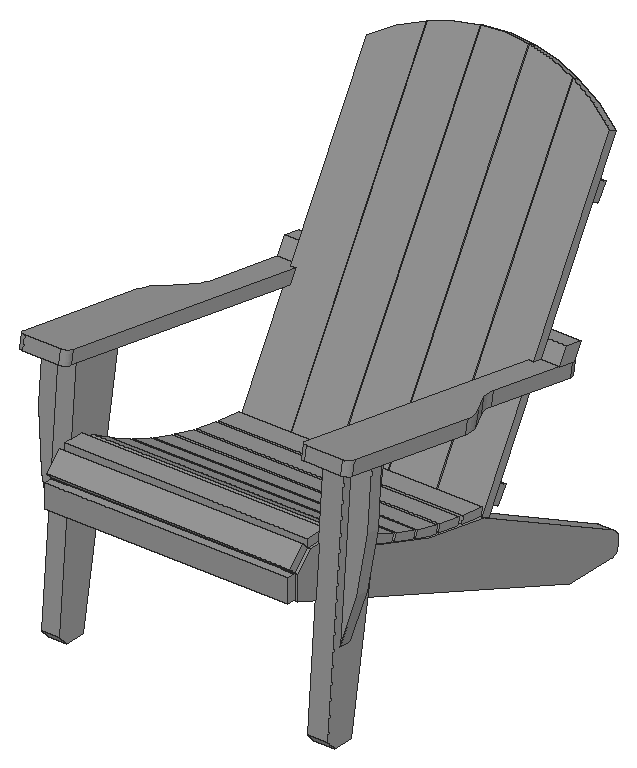
Revit family "кресло-адирондак «Астрид» Арт 12212", category Антураж, Revit 2018
Family settings
  На основе рабочей плоскости = Нет
  Всегда вертикально = Да
  При загрузке вырезать с полостями = Нет
  Источник визуального образа = Геометрия семейства
  Общий = Нет
  Точка расчета площади = Нет
Parameters (values of type "Кресло-адирондак «Астрид»")
  Ширина = 1060 mm  # constant formula
  Цвет лавки = Дерево
  Описание = "Кресло-адирондак «Астрид»"  # constant formula
  Материал изделия = "Дерево"  # constant formula
  Изображение типоразмера = Кресло-адирондак «Астрид» Арт 12212.jpg
  Изготовитель = "ООО «Хоббика»"  # constant formula
  Длина = 820 mm  # constant formula
  Группа модели = "Кресла садовые"  # constant formula
  Высота = 1050 mm  # constant formula
  Артикул товара = "Арт. 12212"  # constant formula
  URL = "https://hobbyka.ru/product/kreslo_lezhak_astrid/"
Reference planes
  plane 1 "По центру (Вперед/Назад)": y = 0
  plane 2: z = 0
  plane 3 "По центру (Влево/Вправо)": x = 0
  plane 4: x = 820
  plane 5: y = 1060
  plane 6: z = 1050
Forms (mm)
  Extrusion 1, solid, material "Дерево" <- "Цвет лавки"
    sketch origin (0, -92.939, 84.649) x (1, 0, 0) y (0, 0.984808, -0.173648)
      loop
        line (48.949, 519.861) -> (14.937, 461.792)
        arc (14.937, 461.792) -> (4.988, 438.112) -> (1.59, 412.652) r 97.2
        line (1.59, 412.652) -> (1.59, 59.889)
        arc (1.59, 59.889) -> (5.818, 48.05) -> (16.59, 41.568) r 18.689
        line (16.59, 41.568) -> (106.59, 41.568)
        arc (106.59, 41.568) -> (118.429, 47.176) -> (121.59, 59.889) r 15.301
        line (121.59, 59.889) -> (121.59, 818.509)
        arc (121.59, 818.509) -> (117.035, 828.811) -> (106.596, 833.039) r 15.001
        line (106.596, 833.039) -> (76.59, 833.039)
        arc (76.59, 833.039) -> (65.983, 828.646) -> (61.59, 818.039) r 15
        line (61.59, 818.039) -> (61.59, 567.772)
        arc (61.59, 567.772) -> (58.374, 542.997) -> (48.949, 519.861) r 97.187
      loop
        arc (771.051, 519.861) -> (761.626, 542.997) -> (758.41, 567.772) r 97.187
        line (758.41, 567.772) -> (758.41, 818.039)
        arc (758.41, 818.039) -> (754.017, 828.646) -> (743.41, 833.039) r 15
        line (743.41, 833.039) -> (713.404, 833.039)
        arc (713.404, 833.039) -> (702.965, 828.811) -> (698.41, 818.509) r 15.001
        line (698.41, 818.509) -> (698.41, 59.889)
        arc (698.41, 59.889) -> (701.571, 47.176) -> (713.41, 41.568) r 15.301
        line (713.41, 41.568) -> (803.41, 41.568)
        arc (803.41, 41.568) -> (814.182, 48.05) -> (818.41, 59.889) r 18.689
        line (818.41, 59.889) -> (818.41, 412.652)
        arc (818.41, 412.652) -> (815.012, 438.112) -> (805.063, 461.792) r 97.2
        line (805.063, 461.792) -> (771.051, 519.861)
    from 559.564 to 592.086
  Extrusion 2, solid, material "Дерево" <- "Цвет лавки"
    sketch origin (0, -15.121, 390.596) x (1, 0, 0) y (0, 0.5, 0.866025)
      loop
        line (110, 982.88) -> (110, 67.107) -> (230.036, 67.107) -> (230.036, 1050.925)
        arc (230.036, 1050.925) -> (167.617, 1021.137) -> (110, 982.88) r 491.293
      loop
        arc (710.182, 982.58) -> (652.571, 1020.913) -> (590.145, 1050.772) r 491.293
        line (590.145, 1050.772) -> (590.145, 67.107) -> (710.182, 67.107) -> (710.182, 982.58)
      loop
        line (350.073, 1081.376) -> (350.073, 67.107) -> (470.109, 67.107) -> (470.109, 1081.328)
        arc (470.109, 1081.328) -> (410.092, 1085.031) -> (350.073, 1081.376) r 491.293
    from -595 to -615
  Extrusion 3, solid, material "Дерево" <- "Цвет лавки"
    sketch origin (0, -20.321, 410.045) x (1, 0, 0) y (0, 0.5, 0.866025)
      loop
        line (230.036, 52.864) -> (350.073, 52.864) -> (350.073, 1067.132)
        arc (350.073, 1067.132) -> (289.091, 1055.704) -> (230.036, 1036.681) r 491.293
        line (230.036, 1036.681) -> (230.036, 52.864)
      loop
        line (470.109, 52.864) -> (590.145, 52.864) -> (590.145, 1036.528)
        arc (590.145, 1036.528) -> (531.094, 1055.604) -> (470.109, 1067.084) r 491.293
        line (470.109, 1067.084) -> (470.109, 52.864)
    from -629.228 to -609.228
  Extrusion 4, solid, material "Дерево" <- "Цвет лавки"
    sketch origin (0, 0, 0) x (0, 1, 0) y (0, 0, 1)
      loop
        line (860, 0) -> (989.42, 0)
        arc (989.42, 0) -> (1002.196, 5.292) -> (1007.487, 18.067) r 18.067
        line (1007.487, 18.067) -> (1007.487, 46.512)
        arc (1007.487, 46.512) -> (1001.863, 54.253) -> (994.122, 59.877) r 30.583
        line (994.122, 59.877) -> (597.624, 261.902)
        arc (597.624, 261.902) -> (346.603, 314.998) -> (116.106, 427.702) r 1044.217
        line (116.106, 427.702) -> (61.106, 427.702) -> (22.215, 388.812) -> (22.215, 328.812) -> (860, 0)
    from 105 to 145
  Extrusion 5, solid, material "Дерево" <- "Цвет лавки"
    sketch origin (0, 0, 0) x (0, 1, 0) y (0, 0, 1)
      loop
        line (860, 0) -> (989.42, 0)
        arc (989.42, 0) -> (1002.196, 5.292) -> (1007.487, 18.067) r 18.067
        line (1007.487, 18.067) -> (1007.487, 46.512)
        arc (1007.487, 46.512) -> (1001.863, 54.253) -> (994.122, 59.877) r 30.583
        line (994.122, 59.877) -> (597.624, 261.902)
        arc (597.624, 261.902) -> (346.603, 314.998) -> (116.106, 427.702) r 1044.217
        line (116.106, 427.702) -> (61.106, 427.702) -> (22.215, 388.812) -> (22.215, 328.812) -> (860, 0)
    from 675 to 715
  Extrusion 6, solid, material "Дерево" <- "Цвет лавки"
    sketch origin (0, 0, 0) x (0, 1, 0) y (0, 0, 1)
      loop
        line (597.624, 261.902) -> (599.328, 281.83)
        arc (599.328, 281.83) -> (569.478, 284.822) -> (539.73, 288.688) r 1024.217
        line (539.73, 288.688) -> (536.862, 268.895)
        arc (536.862, 268.895) -> (567.192, 264.954) -> (597.624, 261.902) r 1044.217
      loop
        line (116.106, 427.702) -> (116.106, 447.702) -> (63.106, 447.702) -> (63.106, 427.702) -> (116.106, 427.702)
      loop
        line (22.215, 386.812) -> (2.215, 386.812) -> (2.215, 328.812) -> (22.215, 328.812) -> (22.215, 386.812)
      loop
        line (46.964, 441.845) -> (8.073, 402.954) -> (22.215, 388.812) -> (61.106, 427.702) -> (46.964, 441.845)
      loop
        arc (529.84, 290.17) -> (500.265, 295.194) -> (470.849, 301.082) r 1024.217
        line (470.849, 301.082) -> (466.637, 281.531)
        arc (466.637, 281.531) -> (496.627, 275.528) -> (526.78, 270.405) r 1044.217
        line (526.78, 270.405) -> (529.84, 290.17)
      loop
        arc (461.084, 303.236) -> (431.921, 310.268) -> (402.977, 318.151) r 1024.217
        line (402.977, 318.151) -> (397.439, 298.933)
        arc (397.439, 298.933) -> (426.949, 290.896) -> (456.681, 283.727) r 1044.217
        line (456.681, 283.727) -> (461.084, 303.236)
      loop
        arc (393.381, 320.967) -> (364.766, 329.974) -> (336.428, 339.816) r 1024.217
        line (336.428, 339.816) -> (329.591, 321.021)
        arc (329.591, 321.021) -> (358.483, 310.987) -> (387.656, 301.804) r 1044.217
        line (387.656, 301.804) -> (393.381, 320.967)
      loop
        arc (327.047, 343.28) -> (299.114, 354.221) -> (271.514, 365.975) r 1024.217
        line (271.514, 365.975) -> (263.409, 347.69)
        arc (263.409, 347.69) -> (291.548, 335.707) -> (320.027, 324.553) r 1044.217
        line (320.027, 324.553) -> (327.047, 343.28)
      loop
        arc (262.392, 370.072) -> (235.271, 382.894) -> (208.538, 396.505) r 1024.217
        line (208.538, 396.505) -> (199.203, 378.817)
        arc (199.203, 378.817) -> (226.459, 364.94) -> (254.109, 351.867) r 1044.217
        line (254.109, 351.867) -> (262.392, 370.072)
      loop
        arc (199.717, 401.216) -> (173.535, 415.86) -> (147.794, 431.265) r 1024.217
        line (147.794, 431.265) -> (137.273, 414.256)
        arc (137.273, 414.256) -> (163.517, 398.55) -> (190.21, 383.62) r 1044.217
        line (190.21, 383.62) -> (199.717, 401.216)
    from 106.59 to 706.59
  Extrusion 7, solid, material "Дерево" <- "Цвет лавки"
    sketch origin (0, 0, 0) x (0, 1, 0) y (0, 0, 1)
      loop
        line (103.219, 618.257) -> (50.985, 21.213) -> (72.198, 0) -> (122.198, 0) -> (227.354, 596.369) -> (103.219, 618.257)
    from 60 to 105
  Extrusion 8, solid, material "Дерево" <- "Цвет лавки"
    sketch origin (0, 0, 0) x (0, 1, 0) y (0, 0, 1)
      loop
        line (103.219, 618.257) -> (50.985, 21.213) -> (72.198, 0) -> (122.198, 0) -> (227.354, 596.369) -> (103.219, 618.257)
    from 715 to 765
  Extrusion 9, solid, material "Дерево" <- "Цвет лавки"
    sketch origin (0, -14.655, 10.682) x (1, 0, 0) y (0, 0.087156, 0.996195)
      loop
        arc (5.317, 619.362) -> (9.153, 405.674) -> (60, 198.089) r 963.563
        line (60, 198.089) -> (60, 619.362) -> (5.317, 619.362)
      loop
        line (814.522, 620.763) -> (760, 620.763) -> (760, 198.659)
        arc (760, 198.659) -> (810.857, 406.663) -> (814.522, 620.763) r 963.583
    from -115 to -85
  Extrusion 10, solid, material "Дерево" <- "Цвет лавки"
    sketch origin (0, 0, 0) x (0, 1, 0) y (0, 0, 1)
      loop
        line (645.858, 265.447) -> (668.358, 304.418) -> (651.038, 314.418) -> (628.538, 275.447) -> (645.858, 265.447)
      loop
        line (959.604, 848.87) -> (937.104, 809.899) -> (954.425, 799.899) -> (976.925, 838.87) -> (959.604, 848.87)
    from 110 to 710.182
  Extrusion 11, solid, material "Дерево" <- "Цвет лавки"
    sketch origin (0, 0, 0) x (0, 1, 0) y (0, 0, 1)
      loop
        line (818.86, 525.094) -> (840.144, 561.959) -> (798.223, 569.35) -> (776.94, 532.486) -> (818.86, 525.094)
    from 61.59 to 758.41
Cuts and joins
  joined: Extrusion 1, Extrusion 2, Extrusion 9
Lines and regions (mm)
  symbolic lines
    curve 1: line (110, 0, 992.331) -> (110, 0, 251.998)
    curve 2: line (110, 0, 251.998) -> (710, 0, 251.998)
    curve 3: line (710, 0, 251.998) -> (710, 0, 991.665)
    curve 4: arc (710, 0, 991.665) -> (410.103, 0, 1084.497) -> (110, 0, 992.331) r 532.739
    curve 5: line (0, 927.104, 792.578) -> (0, 1147.104, 1173.629)
Dimensions and locks
  "Длина": plane 3 "По центру (Влево/Вправо)" to plane 4
  "Ширина": plane 5 to plane 1 "По центру (Вперед/Назад)"
  "Высота": plane 6 to plane 2
  aligned and locked: level to plane 2
Automatic sketch dimensions
  curve 5 to plane 5 = 132.896 mm
  curve 5 to plane 6 = 257.422 mm
  plane 5 to curve 5 = 87.104 mm
  plane 6 to curve 5 = 123.629 mm
  plane 3 "По центру (Влево/Вправо)" to curve 1 = 110 mm
  plane 3 "По центру (Влево/Вправо)" to curve 4 = 409.511 mm
  curve 3 to plane 6 = 58.335 mm
  curve 3 to plane 4 = 110 mm
  curve 4 to plane 6 = 498.241 mm
  level to curve 3 = 251.998 mm
  Extrusion 1 sketch curve to plane 3 "По центру (Влево/Вправо)" = 35.597 mm
  plane 3 "По центру (Влево/Вправо)" to Extrusion 1 sketch curve = 1.59 mm
  plane 3 "По центру (Влево/Вправо)" to Extrusion 1 sketch curve = 16.59 mm
  Extrusion 1 sketch curve to Extrusion 1 sketch curve = 18.689 mm
  plane 3 "По центру (Влево/Вправо)" to Extrusion 1 sketch curve = 48.949 mm
  Extrusion 1 sketch curve to Extrusion 1 sketch curve = 12.641 mm
  Extrusion 1 sketch curve to Extrusion 1 sketch curve = 15 mm  (x3)
  Extrusion 1 sketch curve to Extrusion 1 sketch curve = 97.2 mm
  Extrusion 1 sketch curve to Extrusion 1 sketch curve = 86.311 mm
  Extrusion 1 sketch curve to Extrusion 1 sketch curve = 30.006 mm  (x2)
  Extrusion 1 sketch curve to Extrusion 1 sketch curve = 14.994 mm  (x2)
  Extrusion 1 sketch curve to plane 4 = 121.59 mm
  Extrusion 1 sketch curve to plane 4 = 98.79 mm
  Extrusion 1 sketch curve to plane 4 = 48.949 mm
  Extrusion 1 sketch curve to plane 4 = 20.278 mm
  Extrusion 1 sketch curve to plane 4 = 16.59 mm
  Extrusion 1 sketch curve to plane 4 = 1.59 mm
  plane 4 to Extrusion 1 sketch curve = 35.597 mm
  Extrusion 1 sketch curve to Extrusion 1 sketch curve = 0 mm
  Extrusion 1 sketch curve to Extrusion 1 sketch curve = 15.301 mm  (x2)
  Extrusion 1 sketch curve to Extrusion 1 sketch curve = 352.744 mm  (x2)
  Extrusion 1 sketch curve to Extrusion 1 sketch curve = 0.02 mm  (x2)
  Extrusion 1 sketch curve to Extrusion 1 sketch curve = 107.208 mm  (x2)
  Extrusion 1 sketch curve to Extrusion 1 sketch curve = 47.912 mm  (x2)
  Extrusion 1 sketch curve to Extrusion 1 sketch curve = 250.266 mm  (x2)
  Extrusion 1 sketch curve to Extrusion 1 sketch curve = 0.001 mm  (x2)
  plane 3 "По центру (Влево/Вправо)" to Extrusion 1 sketch curve = 14.914 mm
  Extrusion 1 sketch curve to Extrusion 1 sketch curve = 0.024 mm  (x2)
  Extrusion 1 sketch curve to plane 4 = 14.937 mm
  Extrusion 1 sketch curve to Extrusion 1 sketch curve = 0.014 mm  (x2)
  Extrusion 2 sketch curve to Extrusion 2 sketch curve = 0 mm  (x8)
  plane 3 "По центру (Влево/Вправо)" to Extrusion 2 sketch curve = 110 mm
  Extrusion 2 sketch curve to Extrusion 2 sketch curve = 120.036 mm  (x4)
  plane 3 "По центру (Влево/Вправо)" to Extrusion 2 sketch curve = 409.896 mm
  Extrusion 2 sketch curve to plane 4 = 109.818 mm
  Extrusion 2 sketch curve to Extrusion 2 sketch curve = 526.631 mm
  Extrusion 2 sketch curve to Extrusion 2 sketch curve = 388.842 mm
  Extrusion 2 sketch curve to Extrusion 2 sketch curve = 67.892 mm
  Extrusion 2 sketch curve to Extrusion 2 sketch curve = 30.556 mm
  Extrusion 3 sketch curve to Extrusion 3 sketch curve = 0 mm  (x3)
  plane 3 "По центру (Влево/Вправо)" to Extrusion 3 sketch curve = 230.036 mm
  Extrusion 3 sketch curve to Extrusion 3 sketch curve = 120.036 mm  (x3)
  plane 3 "По центру (Влево/Вправо)" to Extrusion 3 sketch curve = 409.896 mm
  Extrusion 3 sketch curve to Extrusion 3 sketch curve = 526.631 mm
  Extrusion 3 sketch curve to Extrusion 3 sketch curve = 457.033 mm
  Extrusion 3 sketch curve to Extrusion 3 sketch curve = 30.403 mm
  Extrusion 4 sketch curve to level = 0 mm
  Extrusion 4 sketch curve to plane 1 "По центру (Вперед/Назад)" = 22.215 mm
  Extrusion 4 sketch curve to Extrusion 4 sketch curve = 38.891 mm  (x2)
  Extrusion 4 sketch curve to Extrusion 4 sketch curve = 55 mm
  Extrusion 4 sketch curve to plane 5 = 462.376 mm
  plane 6 to Extrusion 4 sketch curve = 252.325 mm
  Extrusion 4 sketch curve to plane 5 = 373.433 mm
  Extrusion 4 sketch curve to plane 5 = 200 mm
  Extrusion 4 sketch curve to plane 5 = 79.762 mm
  Extrusion 4 sketch curve to Extrusion 4 sketch curve = 9.182 mm
  Extrusion 4 sketch curve to Extrusion 4 sketch curve = 13.884 mm
  Extrusion 4 sketch curve to Extrusion 4 sketch curve = 18.067 mm
  Extrusion 4 sketch curve to Extrusion 4 sketch curve = 14.561 mm
  Extrusion 4 sketch curve to Extrusion 4 sketch curve = 28.445 mm
  level to Extrusion 4 sketch curve = 261.902 mm
  Extrusion 4 sketch curve to Extrusion 4 sketch curve = 98.891 mm
  Extrusion 5 sketch curve to level = 0 mm
  Extrusion 5 sketch curve to plane 1 "По центру (Вперед/Назад)" = 22.215 mm
  Extrusion 5 sketch curve to Extrusion 5 sketch curve = 38.891 mm  (x2)
  Extrusion 5 sketch curve to Extrusion 5 sketch curve = 55 mm
  Extrusion 5 sketch curve to plane 5 = 462.376 mm
  plane 6 to Extrusion 5 sketch curve = 252.325 mm
  Extrusion 5 sketch curve to plane 5 = 373.433 mm
  Extrusion 5 sketch curve to plane 5 = 200 mm
  Extrusion 5 sketch curve to plane 5 = 79.762 mm
  Extrusion 5 sketch curve to Extrusion 5 sketch curve = 9.182 mm
  Extrusion 5 sketch curve to Extrusion 5 sketch curve = 13.884 mm
  Extrusion 5 sketch curve to Extrusion 5 sketch curve = 18.067 mm
  Extrusion 5 sketch curve to Extrusion 5 sketch curve = 14.561 mm
  Extrusion 5 sketch curve to Extrusion 5 sketch curve = 28.445 mm
  level to Extrusion 5 sketch curve = 261.902 mm
  Extrusion 5 sketch curve to Extrusion 5 sketch curve = 98.891 mm
  Extrusion 6 sketch curve to Extrusion 6 sketch curve = 0 mm  (x184)
  Extrusion 6 sketch curve to plane 1 "По центру (Вперед/Назад)" = 2.215 mm
  Extrusion 6 sketch curve to plane 1 "По центру (Вперед/Назад)" = 8.073 mm
  Extrusion 6 sketch curve to Extrusion 6 sketch curve = 20 mm  (x2)
  Extrusion 6 sketch curve to plane 1 "По центру (Вперед/Назад)" = 46.964 mm
  Extrusion 6 sketch curve to Extrusion 6 sketch curve = 2 mm  (x2)
  Extrusion 6 sketch curve to Extrusion 6 sketch curve = 53 mm
  Extrusion 6 sketch curve to Extrusion 6 sketch curve = 21.167 mm
  Extrusion 6 sketch curve to Extrusion 6 sketch curve = 10.521 mm
  Extrusion 6 sketch curve to Extrusion 6 sketch curve = 52.937 mm
  Extrusion 6 sketch curve to Extrusion 6 sketch curve = 8.993 mm
  Extrusion 6 sketch curve to Extrusion 6 sketch curve = 9.507 mm
  Extrusion 6 sketch curve to Extrusion 6 sketch curve = 8.821 mm
  Extrusion 6 sketch curve to Extrusion 6 sketch curve = 54.905 mm
  Extrusion 6 sketch curve to Extrusion 6 sketch curve = 8.283 mm
  Extrusion 6 sketch curve to Extrusion 6 sketch curve = 9.3 mm
  Extrusion 6 sketch curve to Extrusion 6 sketch curve = 9.122 mm
  Extrusion 6 sketch curve to Extrusion 6 sketch curve = 56.618 mm
  Extrusion 6 sketch curve to Extrusion 6 sketch curve = 7.02 mm
  Extrusion 6 sketch curve to Extrusion 6 sketch curve = 9.564 mm
  Extrusion 6 sketch curve to Extrusion 6 sketch curve = 9.381 mm
  Extrusion 6 sketch curve to Extrusion 6 sketch curve = 58.066 mm
  Extrusion 6 sketch curve to Extrusion 6 sketch curve = 5.725 mm
  Extrusion 6 sketch curve to Extrusion 6 sketch curve = 9.783 mm
  Extrusion 6 sketch curve to Extrusion 6 sketch curve = 9.595 mm
  Extrusion 6 sketch curve to Extrusion 6 sketch curve = 59.242 mm
  Extrusion 6 sketch curve to Extrusion 6 sketch curve = 4.403 mm
  Extrusion 6 sketch curve to Extrusion 6 sketch curve = 9.956 mm
  Extrusion 6 sketch curve to Extrusion 6 sketch curve = 9.765 mm
  Extrusion 6 sketch curve to Extrusion 6 sketch curve = 60.143 mm
  Extrusion 6 sketch curve to Extrusion 6 sketch curve = 3.06 mm
  Extrusion 6 sketch curve to Extrusion 6 sketch curve = 10.083 mm
  Extrusion 6 sketch curve to Extrusion 6 sketch curve = 9.89 mm
  Extrusion 6 sketch curve to Extrusion 6 sketch curve = 60.762 mm
  Extrusion 6 sketch curve to Extrusion 6 sketch curve = 1.704 mm
  Extrusion 6 sketch curve to plane 5 = 373.433 mm
  level to Extrusion 6 sketch curve = 261.902 mm
  Extrusion 6 sketch curve to Extrusion 6 sketch curve = 6.992 mm
  Extrusion 6 sketch curve to Extrusion 6 sketch curve = 1.511 mm
  Extrusion 6 sketch curve to Extrusion 6 sketch curve = 19.927 mm
  Extrusion 6 sketch curve to Extrusion 6 sketch curve = 2.196 mm
  Extrusion 6 sketch curve to Extrusion 6 sketch curve = 1.482 mm
  Extrusion 6 sketch curve to Extrusion 6 sketch curve = 2.871 mm
  Extrusion 6 sketch curve to Extrusion 6 sketch curve = 2.154 mm
  Extrusion 6 sketch curve to Extrusion 6 sketch curve = 2.816 mm
  Extrusion 6 sketch curve to Extrusion 6 sketch curve = 3.532 mm
  Extrusion 6 sketch curve to Extrusion 6 sketch curve = 18.879 mm
  Extrusion 6 sketch curve to Extrusion 6 sketch curve = 3.464 mm
  Extrusion 6 sketch curve to Extrusion 6 sketch curve = 4.177 mm
  Extrusion 6 sketch curve to Extrusion 6 sketch curve = 4.097 mm
  Extrusion 6 sketch curve to Extrusion 6 sketch curve = 4.802 mm
  Extrusion 6 sketch curve to Extrusion 6 sketch curve = 58 mm
  Extrusion 6 sketch curve to Extrusion 6 sketch curve = 4.71 mm
  Extrusion 6 sketch curve to Extrusion 6 sketch curve = 16.142 mm
  Extrusion 7 sketch curve to level = 0 mm
  level to Extrusion 7 sketch curve = 21.213 mm
  Extrusion 7 sketch curve to plane 1 "По центру (Вперед/Назад)" = 50.985 mm
  Extrusion 7 sketch curve to Extrusion 7 sketch curve = 21.213 mm
  Extrusion 7 sketch curve to plane 1 "По центру (Вперед/Назад)" = 103.219 mm
  Extrusion 7 sketch curve to Extrusion 7 sketch curve = 50 mm
  Extrusion 7 sketch curve to Extrusion 7 sketch curve = 124.135 mm
  Extrusion 7 sketch curve to plane 6 = 453.631 mm
  Extrusion 8 sketch curve to level = 0 mm
  level to Extrusion 8 sketch curve = 21.213 mm
  Extrusion 8 sketch curve to plane 1 "По центру (Вперед/Назад)" = 50.985 mm
  Extrusion 8 sketch curve to Extrusion 8 sketch curve = 21.213 mm
  Extrusion 8 sketch curve to plane 1 "По центру (Вперед/Назад)" = 103.219 mm
  Extrusion 8 sketch curve to Extrusion 8 sketch curve = 50 mm
  Extrusion 8 sketch curve to Extrusion 8 sketch curve = 124.135 mm
  Extrusion 8 sketch curve to plane 6 = 453.631 mm
  Extrusion 9 sketch curve to plane 3 "По центру (Влево/Вправо)" = 144.786 mm
  plane 3 "По центру (Влево/Вправо)" to Extrusion 9 sketch curve = 5.317 mm
  plane 3 "По центру (Влево/Вправо)" to Extrusion 9 sketch curve = 60 mm
  Extrusion 9 sketch curve to plane 4 = 60 mm
  Extrusion 9 sketch curve to plane 4 = 5.478 mm
  plane 4 to Extrusion 9 sketch curve = 144.7 mm
  Extrusion 9 sketch curve to Extrusion 9 sketch curve = 0.57 mm
  Extrusion 9 sketch curve to Extrusion 9 sketch curve = 331.05 mm
  Extrusion 9 sketch curve to Extrusion 9 sketch curve = 89.262 mm
  Extrusion 10 sketch curve to plane 5 = 431.462 mm
  Extrusion 10 sketch curve to Extrusion 10 sketch curve = 17.321 mm  (x2)
  Extrusion 10 sketch curve to Extrusion 10 sketch curve = 22.5 mm  (x2)
  Extrusion 10 sketch curve to plane 5 = 122.896 mm
  level to Extrusion 10 sketch curve = 265.447 mm
  Extrusion 10 sketch curve to Extrusion 10 sketch curve = 10 mm  (x2)
  Extrusion 10 sketch curve to plane 6 = 250.101 mm
  Extrusion 11 sketch curve to Extrusion 11 sketch curve = 21.284 mm  (x2)
  Extrusion 11 sketch curve to Extrusion 11 sketch curve = 41.92 mm
  Extrusion 11 sketch curve to Extrusion 11 sketch curve = 7.392 mm
  Extrusion 11 sketch curve to Extrusion 11 sketch curve = 36.864 mm  (x2)
  Extrusion 11 sketch curve to plane 5 = 283.06 mm
  Extrusion 11 sketch curve to plane 6 = 524.906 mm
